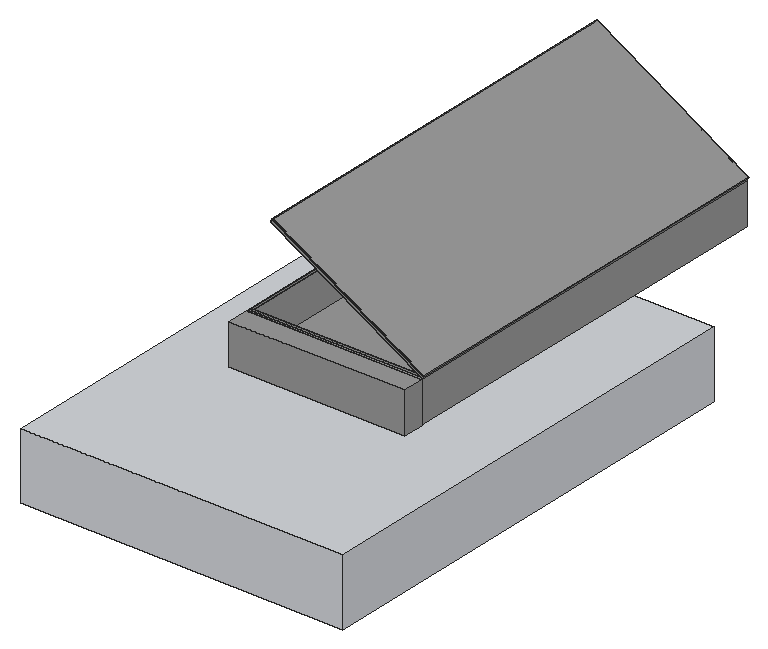
Revit family "Hager-Univers-IP44-D205-H1950-Cl.I-encl-DE-de", category Equipement électrique, Revit 2020
Family settings
  Hôte = Face
  Configuration du panneau = Deux colonnes, circuits au sein
  Cote de connecteur circulaire = Utiliser le diamètre
  Type d'élément = Tableau de raccordement
  Couper avec des vides une fois chargée = Non
  Partagée = Non
  Point de calcul de pièce = Non
Parameters (values of type "Bodenaufstellung IP44 B800 H1950 T205  - FP23TN2")
  Width Control [instance] = if([EF000008 - Breite] > Min Width, [EF000008 - Breite], Min Width)  # 800 mm
  Commentaires du type = [HG000003 - Bereich]  # "Univers"
  Thickness Door [instance] = if([EF009171 - Materialstärke Tür/Deckel] > 3 mm, 3 mm, [EF009171 - Materialstärke Tür/Deckel])  # 1 mm
  Seal Frame Offset [instance] = 17 mm  # constant formula
  Plinth Visibility [instance] = [HG000027 - Sockelhöhe] > 0 mm  # yes
  Model = ""
  Min Width [instance] = 100 mm  # constant formula
  Min Height [instance] = 100 mm  # constant formula
  Min Depth [instance] = (2 * [EF009170 - Materialstärke Gehäuse]) + 1 mm  # 3 mm
  Internal Frame Depth [instance] = (Door System Depth * 0.5)  # 9 mm
  Height Control [instance] = if([EF000040 - Höhe] > Min Height, [EF000040 - Höhe], Min Height)  # 1950 mm
  HG000027 - Sockelhöhe = 100 mm
  HG000026 - Stehend auf dem Boden = yes
  HG000024 - Höhe des unteren Teils = 800 mm
  HG000023 - Gehäuse mit doppeltem Querschnitt = no
  HG000016 - 3D-Türsichtbarkeit [instance] = yes
  HG000015 - Sichtbarkeit der Türöffnung [instance] = no
  HG000014 - Tür rechts [instance] = yes
  HG000013 - Tür links [instance] = not([HG000014 - Tür rechts])  # no
  HG000012 - Türschwenkwinkel [instance] = 30.00°
  HG000010 - Asymmetrische Türen = no
  HG000009 - Doppelflügeligen Tür = no
  HG000006 - Unterputz = no
  HG000004 - Herstellerreferenz = "FP23TN2"
  HG000003 - Bereich = "Univers"
  HG000002 - Mit tür = yes
  Frame Offset Bottom [instance] = 10 mm  # constant formula
  Frame Offset [instance] = 15 mm  # constant formula
  EF015940 - Deckel mit Überdruckentlastung = no
  EF011959 - Schutzart (NEMA) = ""
  EF009554 - Anzahl der Öffnungen für Flanschplatten = 6
  Fabricant = "Hager"  # constant formula
  EF009212 - Ausführung Deckel = "EV000116 - geschlossen"
  EF009171 - Materialstärke Tür/Deckel = 1 mm
  EF009170 - Materialstärke Gehäuse = 1 mm
  EF008873 - Nennstrom (In) = 400 A
  EF007800 - Geeignet für Blitzschutz = no
  EF006306 - Mit Schloss = no
  EF006244 - Transparenter Deckel/Tür = no
  EF005474 - Schutzart (IP) = "EV006418 - IP44"
  EF004464 - Art der Tür = "EV002646 - Einzel"
  EF004427 - Anzahl der Module = 432
  EF004293 - Schlagfestigkeit = "EV006815 - IK09"
  EF003532 - Geeignet für Außengebrauch = no
  EF002950 - Breite in Teilungseinheiten = 36
  EF001613 - Funktionserhalt = "EV000494 - ohne"
  EF001596 - Werkstoff des Gehäuses = "EV000179 - Stahl"
  EF001131 - Innentiefe = 205 mm
  EF001088 - Anbaumöglichkeit = yes
  EF000437 - Anzahl der Leitungseinführungen = 6
  EF000339 - Art der Abdeckung = "EV001012 - Deckel"
  EF000266 - Anzahl der Reihen = 12
  EF000218 - Einbautiefe = 0 mm
  EF000118 - Mit Montageplatte = no
  EF000116 - RAL-Nummer = "9010"
  EF000049 - Tiefe = 205 mm
  EF000040 - Höhe = 1950 mm
  EF000008 - Breite = 800 mm
  EF000007 - Farbe = "EV000202 - weiß"
  EF000003 - Montageart = "EV012274 - Bodenaufstellung"
  Door System Leaf Tolerance [instance] = 1.5 mm  # constant formula
  Door System Depth [instance] = 18 mm  # constant formula
  Door Height [instance] = Height Control - [HG000027 - Sockelhöhe]  # 1850 mm
  Depth Control [instance] = if([EF000049 - Tiefe] > Min Depth, [EF000049 - Tiefe], Min Depth)  # 205 mm
  Default Elevation = 0 mm
  Connector Offset [instance] = Height Control / 2  # 975 mm
  Bottom Top Plate Trim [instance] = 1.5 mm  # constant formula
  Plinth height Ctrl [instance] = if([HG000027 - Sockelhöhe] > 0 mm, [HG000027 - Sockelhöhe], 12 mm)  # 100 mm
Types (9, lengths in mm): name | Width Control | HG000010 - Asymmetrische Türen | HG000009 - Doppelflügeligen Tür | HG000004 - Herstellerreferenz | EF009554 - Anzahl der Öffnungen für Flanschplatten | EF008873 - Nennstrom (In) | EF004464 - Art der Tür | EF004427 - Anzahl der Module | EF002950 - Breite in Teilungseinheiten | EF000437 - Anzahl der Leitungseinführungen | EF000008 - Breite
  Bodenaufstellung IP44 B1050 H1950 T205  - FP24TN2 | 1050 | no | yes | "FP24TN2" | 8 | 400 A | "EV003602 - Doppel" | 576 | 48 | 8 | 1050
  Bodenaufstellung IP44 B1300 H1950 T205  - FP25TN | 1300 | no | yes | "FP25TN" | 10 | 400 A | "EV003602 - Doppel" | 720 | 60 | 10 | 1300
  Bodenaufstellung IP44 B1300 H1950 T205  - FP25TN2 | 1300 | yes | yes | "FP25TN2" | 10 | 400 A | "EV003602 - Doppel" | 720 | 60 | 10 | 1300
  Bodenaufstellung IP44 B300 H1950 T205  - FP21TN | 300 | no | no | "FP21TN" | 2 | 250 A | "EV002646 - Einzel" | 144 | 12 | 2 | 300
  Bodenaufstellung IP44 B300 H1950 T205  - FP21TN2 | 300 | no | no | "FP21TN2" | 2 | 250 A | "EV002646 - Einzel" | 144 | 12 | 2 | 300
  Bodenaufstellung IP44 B550 H1950 T205  - FP22TN | 550 | no | no | "FP22TN" | 4 | 400 A | "EV002646 - Einzel" | 288 | 24 | 4 | 550
  Bodenaufstellung IP44 B550 H1950 T205  - FP22TN2 | 550 | no | no | "FP22TN2" | 4 | 400 A | "EV002646 - Einzel" | 288 | 24 | 4 | 550
  Bodenaufstellung IP44 B800 H1950 T205  - FP23TN | 800 | no | no | "FP23TN" | 6 | 400 A | "EV002646 - Einzel" | 432 | 36 | 6 | 800
  Bodenaufstellung IP44 B800 H1950 T205  - FP23TN2 | 800 | no | no | "FP23TN2" | 6 | 400 A | "EV002646 - Einzel" | 432 | 36 | 6 | 800
Reference planes
  plane 1 "Center (Front/Back)": y = 0
  plane 2: z = 0
  plane 3 "Center (Left/Right)": x = 0
  plane 4: z = 205
  plane 5: y = 101
  plane 6: y = 1025
  plane 7: y = 100
  plane 8: y = 1950
  plane 9: z = 0
  plane 10: x = -385
  plane 11: x = 385
  plane 12: x = 384
  plane 13: x = -384
  plane 14: y = 1949
  plane 15: x = -383
  plane 16: x = -400
  plane 17: x = 383
  plane 18: x = 400
  plane 19: x = 399
  plane 20: x = -399
  plane 21: y = 111
  plane 22: y = 1950
  plane 23: y = 1934
  plane 24: z = 187
  plane 25: z = 1
  plane 26: z = 186
  plane 27: z = 204
Forms (mm)
  Extrusion 1, solid
    sketch origin (0, 0, 0) x (1, 0, 0) y (0, 1, 0)
      loop
        line (-702.964, 1305) -> (-702.964, -811.445) -> (766.763, -811.445) -> (766.763, 1305) -> (-702.964, 1305)
    from 0 to -304.8
  Extrusion 2, solid, material "Hager_Steel_RAL7035_Light_Grey", visible <- "Plinth Visibility", detail levels medium+fine
    sketch origin (0, 0, 0) x (1, 0, 0) y (0, 1, 0)
      loop
        line (-400, 0) -> (400, 0) -> (400, 100) -> (-400, 100) -> (-400, 0)
    from 0 to 187
  Extrusion 3, solid, material "Hager_Steel_RAL7035_Light_Grey", detail levels medium+fine
    sketch origin (0, 0, 0) x (1, 0, 0) y (0, 1, 0)
      loop
        line (-400, 100) -> (400, 100) -> (400, 1950) -> (-400, 1950) -> (-400, 100)
    from 0 to 187
  Extrusion 4, void
    sketch origin (0, 0, 0) x (1, 0, 0) y (0, 1, 0)
      loop
        line (-399, 101) -> (399, 101) -> (399, 1949) -> (-399, 1949) -> (-399, 101)
    from 1 to 186
  Extrusion 5, void
    sketch origin (-381.607, -4572, 187) x (0, -1, 0) y (-1, 0, 0)
      loop
        line (-4683, 2.393) -> (-6506, 2.393) -> (-6506, -765.607) -> (-4683, -765.607) -> (-4683, 2.393)
    from 0 to 1 <- "EF009170 - Materialstärke Gehäuse"
  Extrusion 6, solid, material "Hager_Steel_RAL7035_Light_Grey", detail levels fine
    sketch origin (0, 0, 187) x (1, 0, 0) y (0, 1, 0)
      loop
        line (-384, 1934) -> (-384, 111) -> (384, 111) -> (384, 1934) -> (-384, 1934)
      loop
        line (-385, 110) -> (385, 110) -> (385, 1935) -> (-385, 1935) -> (-385, 110)
    from 0 to 9 <- "Internal Frame Depth"
  Extrusion 7, solid, material "Hager_Steel_RAL7035_Light_Grey", detail levels coarse
    sketch origin (0, 0, 0) x (1, 0, 0) y (0, 1, 0)
      loop
        line (-400, 0) -> (400, 0) -> (400, 1950) -> (-400, 1950) -> (-400, 0)
    from 0 to 205
  Sweep 8, void
    path in 3D
      loop
        line (-400, 100, 0) -> (400, 100, 0) -> (400, 100, 187) -> (-400, 100, 187) -> (-400, 100, 0)
    profile origin (-400, 100, 93.5) x (-1, 0, 0) y (0, -1, 0)
      loop
        line (0, 0) -> (0, 1.5) -> (-1.5, 1.5)
        arc (-1.5, 1.5) -> (-1.061, 0.439) -> (0, 0) r 1.5
Cuts and joins
  Extrusion 4, Extrusion 5 cuts Extrusion 3
  Sweep 8 cuts Extrusion 2
Lines and regions (mm)
  Masking region 1
    outline origin (0, 0, 0) x (1, 0, 0) y (0, 0, 1)
      loop
        line (-400, 205) -> (-400, 0) -> (400, 0) -> (400, 205) -> (-400, 205)
  Masking region 2, detail levels medium+fine
    outline origin (0, 140, 0) x (0, 1, 0) y (0, 0, 1)
      loop
        line (-40, 0) -> (1810, 0) -> (1810, 187) -> (-40, 187) -> (-40, 0)
  Masking region 3, not visible, detail levels medium+fine
    outline origin (0, 297.922, 0) x (0, 1, 0) y (0, 0, 1)
      loop
        line (738.578, 0) -> (778.578, 0) -> (778.578, 194)
        arc (778.578, 194) -> (775.649, 201.071) -> (768.578, 204) r 10
        line (768.578, 204) -> (738.578, 204) -> (738.578, 0)
  Masking region 4, detail levels coarse
    outline origin (0, 0, 180) x (0, 1, 0) y (0, 0, 1)
      loop
        line (0, -180) -> (1950, -180) -> (1950, 25) -> (0, 25) -> (0, -180)
  Masking region 5, visible <- "Plinth Visibility", detail levels medium+fine
    outline origin (0, 52.24, 12.345) x (0, 0, -1) y (0, 1, 0)
      loop
        line (10.845, 47.76) -> (-173.155, 47.76)
        arc (-173.155, 47.76) -> (-173.594, 46.699) -> (-174.655, 46.26) r 1.5
        line (-174.655, 46.26) -> (-174.655, -52.24) -> (12.345, -52.24) -> (12.345, 46.26)
        arc (12.345, 46.26) -> (11.285, 46.699) -> (10.845, 47.76) r 1.5
  Masking region 6, detail levels medium+fine
    outline origin (-381.607, -4572, 187) x (-1, 0, 0) y (0, -1, 0)
      loop
        line (18.393, -6522) -> (18.393, -4672) -> (-781.607, -4672) -> (-781.607, -6522) -> (18.393, -6522)
  Masking region 7, visible <- "Plinth Visibility", detail levels medium+fine
    outline origin (-381.607, -4727, 187) x (-1, 0, 0) y (0, -1, 0)
      loop
        arc (16.893, -4827) -> (17.332, -4825.939) -> (18.393, -4825.5) r 1.5
        line (18.393, -4825.5) -> (18.393, -4727) -> (-781.607, -4727) -> (-781.607, -4825.5)
        arc (-781.607, -4825.5) -> (-780.546, -4825.939) -> (-780.107, -4827) r 1.5
        line (-780.107, -4827) -> (16.893, -4827)
  Masking region 8, detail levels coarse
    outline origin (-442.548, -4669.526, 187) x (-1, 0, 0) y (0, -1, 0)
      loop
        line (-42.548, -6619.526) -> (-42.548, -4669.526) -> (-842.548, -4669.526) -> (-842.548, -6619.526) -> (-42.548, -6619.526)
  sketch lines
    curve 1: line (-400, 100, 187) -> (-400, 100, 0)
    curve 2: line (400, 100, 187) -> (-400, 100, 187)
    curve 3: line (400, 100, 187) -> (400, 100, 0)
    curve 4: line (-400, 100, 0) -> (400, 100, 0)
Dimensions and locks
  "Depth Control": plane 4 to Extrusion 1
  "HG000027 - Sockelhöhe": plane 1 "Center (Front/Back)" to plane 7
  "EF009170 - Materialstärke Gehäuse": plane 5 to plane 7
  locked: connector elem to plane 3 "Center (Left/Right)"
  equal spacing: plane 8, plane 6, plane 7
  locked: connector elem to plane 6
  "EF009170 - Materialstärke Gehäuse": plane 8 to plane 14
  "EF009170 - Materialstärke Gehäuse": plane 10 to plane 13
  "EF009170 - Materialstärke Gehäuse": plane 12 to plane 11
  "Frame Offset": plane 20 to plane 13
  "Frame Offset": plane 12 to plane 19
  "EF009170 - Materialstärke Gehäuse": plane 16 to plane 20
  "EF009170 - Materialstärke Gehäuse": plane 19 to plane 18
  "Seal Frame Offset": plane 16 to plane 15
  "Seal Frame Offset": plane 17 to plane 18
  "Frame Offset Bottom": plane 21 to plane 5
  "Frame Offset": plane 14 to plane 23
  equal spacing: plane 16, plane 3 "Center (Left/Right)", plane 18
  "Width Control": plane 16 to plane 18
  "EF009170 - Materialstärke Gehäuse": plane 4 to plane 27
  "EF009170 - Materialstärke Gehäuse": plane 24 to plane 26
  "EF009170 - Materialstärke Gehäuse": plane 25 to level
  "Door System Depth": plane 4 to plane 24
  "Height Control": plane 1 "Center (Front/Back)" to Extrusion 7 sketch curve
  "Height Control": Masking region 4 sketch curve to plane 1 "Center (Front/Back)"
  "Height Control": plane 1 "Center (Front/Back)" to plane 22
  "Bottom Top Plate Trim": profile plane to Sweep 8 sketch curve
  "Bottom Top Plate Trim": Sweep 8 sketch curve to profile plane
  "Plinth height Ctrl": plane 1 "Center (Front/Back)" to Extrusion 2 sketch curve
  "Plinth height Ctrl": Masking region 5 sketch curve to plane 1 "Center (Front/Back)"
  "Plinth height Ctrl": plane 1 "Center (Front/Back)" to Masking region 7 sketch curve
  "Thickness Door": Extrusion 6 sketch curve to Extrusion 6 sketch curve  (x3)
  "Thickness Door": cut or joined group of Extrusion 3, Extrusion 4, Extrusion 5 to Extrusion 6 sketch curve
  radius of Masking region 3 sketch curve = 10 mm
  "Bottom Top Plate Trim": radius of Masking region 5 sketch curve  (x2)
  "Bottom Top Plate Trim": radius of Sweep 8 sketch curve
  "Bottom Top Plate Trim": radius of Masking region 7 sketch curve  (x2)
  aligned and locked: plane 2 to Extrusion 1
  aligned and locked: level to Extrusion 1
  aligned and locked: level to Masking region 1 sketch curve
  aligned and locked: Masking region 1 sketch curve to plane 18
  aligned and locked: Masking region 1 sketch curve to plane 16
  aligned and locked: plane 7 to Masking region 2 sketch curve
  aligned and locked: level to Masking region 3 sketch curve
  aligned and locked: Masking region 3 sketch curve to plane 27
  aligned and locked: level to Masking region 2 sketch curve
  aligned and locked: plane 1 "Center (Front/Back)" to Extrusion 2 sketch curve
  aligned and locked: Extrusion 3 sketch curve to plane 7
  aligned and locked: plane 16 to Extrusion 3 sketch curve
  aligned and locked: plane 18 to Extrusion 3 sketch curve
  aligned and locked: plane 20 to Extrusion 4 sketch curve
  aligned and locked: plane 19 to Extrusion 4 sketch curve
  aligned and locked: Extrusion 4 sketch curve to plane 5
  aligned and locked: Extrusion 4 to plane 25
  aligned and locked: plane 26 to Extrusion 4
  aligned and locked: plane 24 to Extrusion 3
  aligned and locked: Extrusion 5 sketch curve to plane 21
  aligned and locked: Extrusion 5 sketch curve to plane 13
  aligned and locked: Extrusion 5 sketch curve to plane 12
  aligned and locked: plane 18 to Extrusion 7 sketch curve
  aligned and locked: plane 1 "Center (Front/Back)" to Extrusion 7 sketch curve
  aligned and locked: plane 16 to Extrusion 7 sketch curve
  aligned and locked: plane 4 to Extrusion 7
  aligned and locked: Extrusion 7 to level
  aligned and locked: level to Masking region 4 sketch curve
  aligned and locked: Masking region 4 sketch curve to plane 1 "Center (Front/Back)"
  aligned and locked: Masking region 4 sketch curve to plane 4
  aligned and locked: nested 1 to level
  aligned and locked: nested 1 to plane 16
  aligned and locked: plane 8 to Extrusion 3 sketch curve
  aligned and locked: plane 23 to Extrusion 5 sketch curve
  aligned and locked: plane 14 to Extrusion 4 sketch curve
  aligned and locked: Masking region 2 sketch curve to plane 8
  aligned and locked: level to Masking region 5 sketch curve
  aligned and locked: plane 16 to Extrusion 2 sketch curve
  aligned and locked: plane 18 to Extrusion 2 sketch curve
  aligned and locked: Masking region 5 sketch curve to plane 24
  aligned and locked: Masking region 2 sketch curve to plane 24
  aligned and locked: plane 24 to Extrusion 2
  aligned and locked: profile plane to Sweep 8 sketch curve  (x2)
  aligned and locked: Masking region 6 sketch curve to plane 18
  aligned and locked: Masking region 6 sketch curve to plane 22
  aligned and locked: Masking region 6 sketch curve to plane 16
  aligned and locked: plane 8 to plane 22
  aligned and locked: Masking region 6 sketch curve to plane 7
  aligned and locked: Masking region 7 sketch curve to plane 16
  aligned and locked: Masking region 7 sketch curve to plane 1 "Center (Front/Back)"
  aligned and locked: Masking region 7 sketch curve to plane 18
  aligned and locked: Masking region 8 sketch curve to plane 1 "Center (Front/Back)"
  aligned and locked: Masking region 8 sketch curve to plane 18
  aligned and locked: Masking region 8 sketch curve to plane 22
  aligned and locked: Masking region 8 sketch curve to plane 16
  aligned and locked: nested 2 to plane 7
  aligned and locked: plane 3 "Center (Left/Right)" to nested 2
  aligned and locked: nested 2 to plane 24
  aligned and locked: Extrusion 6 sketch curve to cut or joined group of Extrusion 3, Extrusion 4, Extrusion 5  (x4)
Automatic sketch dimensions
  Extrusion 1 sketch curve to Extrusion 1 sketch curve = 1469.727 mm
  Extrusion 1 sketch curve to Extrusion 1 sketch curve = 2116.445 mm
  Masking region 1 sketch curve to plane 4 = 0 mm
  plane 6 to Masking region 3 sketch curve = 11.5 mm
  Masking region 3 sketch curve to Masking region 3 sketch curve = 30 mm
  Masking region 5 sketch curve to plane 1 "Center (Front/Back)" = 0 mm
Nested families
  nested 1: "Hager_Enclosure_Symbol" at (-400, 0, 0) x (1, 0, 0) z (0, -1, 0), Height <- "Depth Control", Width <- "Width Control", type "Hager_Enclosure_Symbol"
    with Width_Ctrl 800 mm, Width 800 mm, Height_Ctrl 205 mm, Height 205 mm, A_Width_Int 13.453 mm, A_Width 161.438 mm, A_Height_Ctrl 179.375 mm, A_Height 179.375 mm
  nested 2: "EC000058_Univers_Door" at (0, 100, 187) x (1, 0, 0) z (0, 1, 0), Leaf_Tolerance <- "Door System Leaf Tolerance", Angle <- "HG000012 - Türschwenkwinkel", Door_Depth <- "Door System Depth", Door_Left <- "HG000013 - Tür links", Transparent <- "EF006244 - Transparenter Deckel/Tür", Assymetrical <- "HG000010 - Asymmetrische Türen", Width <- "Width Control", Clearance <- "HG000015 - Sichtbarkeit der Türöffnung", Double <- "HG000009 - Doppelflügeligen Tür", 3d_Door <- "HG000016 - 3D-Türsichtbarkeit", Lock_Visibility <- "EF006306 - Mit Schloss", Width_Ctrl <- "Width Control", Door_Right <- "HG000014 - Tür rechts", Door <- "HG000002 - Mit tür", Height <- "Door Height", Thickness <- "Thickness Door", type "EC000058_Univers_Door", detail levels medium+fine
    with min_wh 3 mm, Width_Ctrl 800 mm, Width 800 mm, Transparent no, Thickness 1 mm, Seal_Material Hager_Rubber, Lock_Visibility no, Lock_Material Hager_Plastic_RAL9005_Jet_Black, Leaf_Width 800 mm, Leaf_Tolerance_External_Sides 0 mm, Leaf_Tolerance 1.5 mm, Leaf_Offset 0 mm, Leaf_Height 1847 mm, Leaf_2_Width 800 mm, Leaf_2_Offset 400 mm, Leaf_1_Width 800 mm, Leaf_1_Offset 400 mm, Height_Ctrl 1850 mm, Height 1850 mm, Glass_Material Hager_Glass, Double_Clearance_Ctrl no, Double no, Door_Right_Ctrl yes, Door_Right yes, Door_Material Hager_Steel_RAL7035_Light_Grey, Door_Left_Ctrl no, Door_Left no, Door_Depth 18 mm, Door yes, Clearance_Material Hager_Clearance, Clearance_Depth 800 mm, Clearance_Ctrl no, Clearance no, Assymetrical no, Angle 30.00°, 3d_Door yes
Connectors
  electrical at (0, 1025, 0)
    settings: on plane 9, index 1, voltage 0 V, apparent load 0 VA, apparent load phase1 0 VA, apparent load phase2 0 VA, apparent load phase3 0 VA, power factor 1, load classification "Other", number of poles 1, system type 30, power factor state 1, is connector primary yes, connector utility no, sub classification motor no, connector description ""
Definition of nested family "EC000058_Univers_Door"
  Parameters (values of type "EC000058_Univers_Door")
    min_wh [instance] = (2 * Thickness) + 1 mm  # 11 mm
    Width_Ctrl [instance] = 400 mm
    Width [instance] = 500 mm
    Transparent [instance] = yes
    Thickness [instance] = 5 mm
    Seal_Material [instance] = none
    Lock_Visibility [instance] = yes
    Lock_Material [instance] = none
    Leaf_Width [instance] = if((Width_Ctrl - 2 * Leaf_Tolerance_External_Sides) > 0 mm, (Width_Ctrl - 2 * Leaf_Tolerance_External_Sides), min_wh)  # 400 mm
    Leaf_Tolerance_External_Sides [instance] = 0 mm  # constant formula
    Leaf_Tolerance [instance] = 1.5 mm
    Leaf_Offset [instance] = 0 mm  # constant formula
    Leaf_Height [instance] = if((Height_Ctrl - 2 * Leaf_Tolerance) > 0 mm, (Height_Ctrl - 2 * Leaf_Tolerance), min_wh)  # 497 mm
    Leaf_2_Width [instance] = if(and(and(Double, Assymetrical), Door_Left), (Leaf_Width / 3) - (Leaf_Tolerance / 2), if(and(and(Double, Assymetrical), Door_Right), (Leaf_Width / 3) * 2 - (Leaf_Tolerance / 2), if(and(Double, not(Assymetrical)), (Leaf_Width / 2) - Leaf_Tolerance, Leaf_Width)))  # 400 mm
    Leaf_2_Offset [instance] = if(and(Double, Assymetrical), Leaf_2_Width / 2, if(and(Double, not(Assymetrical)), Leaf_Width / 4, Leaf_Width / 2))  # 200 mm
    Leaf_1_Width [instance] = if(and(and(Double, Assymetrical), Door_Right), (Leaf_Width / 3) - (Leaf_Tolerance / 2), if(and(and(Double, Assymetrical), Door_Left), (Width / 3) * 2 - (Leaf_Tolerance / 2), if(and(Double, not(Assymetrical)), (Leaf_Width / 2) - Leaf_Tolerance, Leaf_Width)))  # 400 mm
    Leaf_1_Offset [instance] = if(and(Double, Assymetrical), Leaf_1_Width / 2, if(and(Double, not(Assymetrical)), Leaf_Width / 4, Leaf_Width / 2))  # 200 mm
    Height_Ctrl [instance] = if(Height > min_wh, Height, min_wh)  # 500 mm
    Height [instance] = 500 mm
    Glass_Material [instance] = none
    Double_Clearance_Ctrl [instance] = and(Double, Clearance)  # no
    Double [instance] = no
    Door_Right_Ctrl [instance] = and(or(Door_Right, Double), Door)  # yes
    Door_Right [instance] = yes
    Door_Material [instance] = none
    Door_Left_Ctrl [instance] = and(or(Door_Left, Double), Door)  # no
    Door_Left [instance] = no
    Door_Depth [instance] = 30 mm
    Door [instance] = yes
    Default Elevation = 1219.2 mm
    Clearance_Material [instance] = none
    Clearance_Depth [instance] = if(Leaf_1_Width > Leaf_2_Width, Leaf_1_Width, Leaf_2_Width)  # 400 mm
    Clearance_Ctrl [instance] = and(not(Double), Clearance)  # yes
    Clearance [instance] = yes
    Assymetrical [instance] = yes
    Angle [instance] = 30.00°
    3d_Door [instance] = yes
  Reference planes
    plane 1 "Center (Front/Back)": y = 0
    plane 2 "Bottom": z = 0
    plane 3 "Center (Left/Right)": x = 0
    plane 4: z = 500
    plane 5: x = -200
    plane 6: x = 200
    plane 7: z = 500
    plane 8: x = -200
    plane 9: z = 0
    plane 10: x = 200
    plane 11: y = 0
    plane 12: z = 1.5
    plane 13: x = -600
    plane 14: y = -400
    plane 15: x = 600
    plane 16: x = 0
    plane 17: x = 0
    plane 18: x = -200
    plane 19: x = 200
    plane 20: z = 498.5
  Forms (mm)
    Extrusion 1, solid, material <- "Clearance_Material", visible <- "Double_Clearance_Ctrl"
      sketch origin (1200, 0, 0) x (1, 0, 0) y (0, 0, -1)
        loop
          line (-1800, -498.5) -> (-600, -498.5) -> (-600, 0) -> (-1800, 0) -> (-1800, -498.5)
      from 0 to -400
  Dimensions and locks
    equal spacing: plane 5, plane 3 "Center (Left/Right)", plane 6
    "Width_Ctrl": plane 5 to plane 6
    "Leaf_Offset": plane 5 to plane 8
    "Leaf_Offset": plane 6 to plane 10
    "Leaf_Offset": plane 9 to level
    "Leaf_Offset": plane 4 to plane 7
    "Height_Ctrl": plane 4 to level
    "Leaf_Tolerance": plane 12 to plane 9
    locked: plane 11 to plane 1 "Center (Front/Back)"
    "Leaf_1_Offset": plane 18 to plane 16
    "Leaf_2_Offset": plane 17 to plane 19
    "Leaf_1_Width": plane 13 to plane 8
    "Leaf_2_Width": plane 10 to plane 15
    "Clearance_Depth": plane 14 to plane 1 "Center (Front/Back)"
    "Leaf_Tolerance_External_Sides": plane 8 to plane 18
    "Leaf_Tolerance_External_Sides": plane 19 to plane 10
    "Leaf_Tolerance": plane 7 to plane 20
    aligned and locked: level to plane 2 "Bottom"
    aligned and locked: nested 1 to plane 16
    aligned and locked: nested 2 to plane 17
    aligned and locked: Extrusion 1 to plane 13
    aligned and locked: plane 15 to Extrusion 1
    aligned and locked: Extrusion 1 to plane 14
    aligned and locked: plane 12 to nested 1
    aligned and locked: nested 2 to plane 12
    aligned and locked: Extrusion 1 to plane 11
    aligned and locked: plane 20 to Extrusion 1
    aligned and locked: nested 2 to plane 11
    aligned and locked: nested 1 to plane 11
  Automatic sketch dimensions
    Extrusion 1 sketch curve to level = 0 mm
    plane 5 to Extrusion 1 sketch curve = 400 mm
    plane 6 to Extrusion 1 sketch curve = 400 mm
    Extrusion 1 sketch curve to plane 4 = 1.5 mm
  Nested families
    nested 1: "EC000058_Univers_Door_Leaf" at (0, 0, 1.5), Width <- "Leaf_1_Width", visible <- "Door_Left_Ctrl", Leaf_Height <- "Leaf_Height", Angle <- "Angle", 3d_Door <- "3d_Door", Transparent <- "Transparent", Clearance Material <- "Clearance_Material", Clearance <- "Clearance_Ctrl", Door_Material <- "Door_Material", Glass_Material <- "Glass_Material", Door_Depth <- "Door_Depth", Lock_Material <- "Lock_Material", Seal_Material <- "Seal_Material", Lock_Visibility <- "Lock_Visibility", Thickness <- "Thickness", type "EC000058_Univers_Door_Leaf"
      with Width 400 mm, Transparent_Glass_Offset 30 mm, Transparent_Ctrl yes, Transparent yes, Thickness 5 mm, Standard no, Seal_Material none, Seal_D2 8 mm, Seal_D1 1 mm, Offset_Internal_Frame 10 mm, Lock_Width 20 mm, Lock_Visibility_3d yes, Lock_Visibility yes, Lock_Thickness_3 3 mm, Lock_Thickness_2 1 mm, Lock_Thickness_1 3 mm, Lock_Radius_Offset_2 16 mm, Lock_Radius_Offset_1 15 mm, Lock_Radius_2 5 mm, Lock_Radius 6 mm, Lock_Offset 5 mm, Lock_Material none, Lock_Height 80 mm, Lock_Cover_Top_Offset_2d 17 mm, Lock_Cover_Height -65 mm, Leaf_Height 497 mm, Internal_Seal_Thickness 8 mm, Internal_Seal_Depth_2 4.5 mm, Internal_Frame_Depth 25 mm, Glass_Thickness -1 mm, Glass_Offset -2 mm, Glass_Material none, Door_Material none, Door_Depth 30 mm, Clearance Material none, Clearance yes, Angle_Ctrl 30.00°, Angle 30.00°, 3d_Door yes
    nested 2: "EC000058_Univers_Door_Leaf" at (0, 0, 1.5) x (-1, 0, 0) z (0, 0, 1), Width <- "Leaf_2_Width", visible <- "Door_Right_Ctrl", Leaf_Height <- "Leaf_Height", Angle <- "Angle", 3d_Door <- "3d_Door", Transparent <- "Transparent", Clearance Material <- "Clearance_Material", Clearance <- "Clearance_Ctrl", Door_Material <- "Door_Material", Glass_Material <- "Glass_Material", Door_Depth <- "Door_Depth", Lock_Material <- "Lock_Material", Seal_Material <- "Seal_Material", Lock_Visibility <- "Lock_Visibility", Thickness <- "Thickness", type "EC000058_Univers_Door_Leaf"
      with Width 400 mm, Transparent_Glass_Offset 30 mm, Transparent_Ctrl yes, Transparent yes, Thickness 5 mm, Standard no, Seal_Material none, Seal_D2 8 mm, Seal_D1 1 mm, Offset_Internal_Frame 10 mm, Lock_Width 20 mm, Lock_Visibility_3d yes, Lock_Visibility yes, Lock_Thickness_3 3 mm, Lock_Thickness_2 1 mm, Lock_Thickness_1 3 mm, Lock_Radius_Offset_2 16 mm, Lock_Radius_Offset_1 15 mm, Lock_Radius_2 5 mm, Lock_Radius 6 mm, Lock_Offset 5 mm, Lock_Material none, Lock_Height 80 mm, Lock_Cover_Top_Offset_2d 17 mm, Lock_Cover_Height -65 mm, Leaf_Height 497 mm, Internal_Seal_Thickness 8 mm, Internal_Seal_Depth_2 4.5 mm, Internal_Frame_Depth 25 mm, Glass_Thickness -1 mm, Glass_Offset -2 mm, Glass_Material none, Door_Material none, Door_Depth 30 mm, Clearance Material none, Clearance yes, Angle_Ctrl 30.00°, Angle 30.00°, 3d_Door yes
  Definition of nested family "EC000058_Univers_Door_Leaf"
    Parameters (values of type "EC000058_Univers_Door_Leaf")
      Width [instance] = 2000 mm
      Transparent_Glass_Offset [instance] = 30 mm
      Transparent_Ctrl [instance] = and(Transparent, [3d_Door])  # yes
      Transparent [instance] = yes
      Thickness [instance] = 5 mm
      Standard [instance] = and(not(Transparent), [3d_Door])  # no
      Seal_Material [instance] = none
      Seal_D2 [instance] = 8 mm  # constant formula
      Seal_D1 [instance] = 1 mm  # constant formula
      Offset_Internal_Frame [instance] = 10 mm  # constant formula
      Lock_Width [instance] = 20 mm  # constant formula
      Lock_Visibility_3d [instance] = and(Lock_Visibility, [3d_Door])  # yes
      Lock_Visibility [instance] = yes
      Lock_Thickness_3 [instance] = 3 mm  # constant formula
      Lock_Thickness_2 [instance] = 1 mm  # constant formula
      Lock_Thickness_1 [instance] = 3 mm  # constant formula
      Lock_Radius_Offset_2 [instance] = Lock_Radius_Offset_1 + 1 mm  # 16 mm
      Lock_Radius_Offset_1 [instance] = 15 mm  # constant formula
      Lock_Radius_2 [instance] = Lock_Radius - 1 mm  # 5 mm
      Lock_Radius [instance] = 6 mm  # constant formula
      Lock_Offset [instance] = 5 mm  # constant formula
      Lock_Material [instance] = none
      Lock_Height [instance] = 80 mm  # constant formula
      Lock_Cover_Top_Offset_2d [instance] = Lock_Radius_Offset_2 + 1 mm  # 17 mm
      Lock_Cover_Height [instance] = -(Lock_Height - Lock_Radius_Offset_1)  # -65 mm
      Leaf_Height [instance] = 2720.336 mm
      Internal_Seal_Thickness [instance] = 8 mm  # constant formula
      Internal_Seal_Depth_2 [instance] = 4.5 mm  # constant formula
      Internal_Frame_Depth [instance] = if(Door_Depth - Thickness > 5 mm, Door_Depth - Thickness, 5 mm)  # 25 mm
      Glass_Thickness [instance] = if(Thickness > 15 mm, Glass_Offset + 10 mm, -1 mm)  # -1 mm
      Glass_Offset [instance] = if(Thickness > 15 mm, -(Thickness + 10 mm) / 2, -2 mm)  # -2 mm
      Glass_Material [instance] = none
      Door_Material [instance] = none
      Door_Depth [instance] = 30 mm
      Default Elevation = 0 mm
      Clearance Material [instance] = none
      Clearance [instance] = yes
      Angle_Ctrl [instance] = if(Angle > 180.00°, 180.00°, Angle)  # 90.00°
      Angle [instance] = 90.00°
      3d_Door [instance] = yes
    Reference planes
      plane 1 "Center (Front/Back)": y = 0
      plane 2: z = 0
      plane 3 "Center (Left/Right)": x = 0
      plane 4: y = 2000
      plane 5: x = -1000
      plane 6: x = 1000
      plane 7: x = -3000
      plane 8: z = 2720.336
      plane 9: z = 30
      plane 10: z = 2690.336
      plane 11: x = 970
      plane 12: x = -970
      plane 13: y = -3
      plane 14: z = 107.833
      plane 15: y = -5
      plane 16: y = -223.314
      plane 17: x = -1000
      plane 18: z = 1360.168
      plane 19: y = 30
    Forms (mm)
      Extrusion 1, solid, material <- "Clearance Material", visible <- "Clearance"
        sketch origin (0, 0, 0) x (1, 0, 0) y (0, 0, 1)
          loop
            line (-3000, 2720.336) -> (-3000, 0) -> (1000, 0) -> (1000, 2720.336) -> (-3000, 2720.336)
        from 0 to -2000
      Extrusion 2, solid, material <- "Door_Material", visible <- "Standard", detail levels medium+fine
        sketch origin (-1000, 0, 0) x (0, 1, 0) y (-1, 0, 0)
          loop
            line (0, 30) -> (0, 25) -> (2000, 25) -> (2000, 30) -> (0, 30)
        from 0 to 2720.336 <- "Leaf_Height"
      Extrusion 3, solid, material <- "Door_Material", visible <- "Transparent_Ctrl", detail levels medium+fine
        sketch origin (-1000, 0, 0) x (0, 1, 0) y (-1, 0, 0)
          loop
            line (0, 25) -> (2000, 25) -> (2000, 30) -> (0, 30) -> (0, 25)
        from 0 to 2720.336 <- "Leaf_Height"
      Extrusion 4, void
        sketch origin (-1025, 2000, 0) x (0, 1, 0) y (0, 0, -1)
          loop
            line (-30, -2690.336) -> (-30, -30) -> (-1970, -30) -> (-1970, -2690.336) -> (-30, -2690.336)
        from 0 to 5 <- "Thickness"
      Sweep 5, solid, material <- "Seal_Material", visible <- "Transparent_Ctrl", detail levels fine
        path in 3D
          loop
            line (-1025, 30, 30) -> (-1025, 30, 2690.336) -> (-1025, 1970, 2690.336) -> (-1025, 1970, 30) -> (-1025, 30, 30)
        profile origin (-1025, 1000, 30) x (1, 0, 0) y (0, 0, 1)
          loop
            line (0, 0) -> (0, -8) -> (1, -8) -> (1, 0) -> (0, 0)
      Extrusion 6, solid, material <- "Glass_Material", visible <- "Transparent_Ctrl", detail levels medium+fine
        sketch origin (-1030, 0, 0) x (0, 1, 0) y (0, 0, -1)
          loop
            line (1970, -2690.336) -> (1970, -30) -> (30, -30) -> (30, -2690.336) -> (1970, -2690.336)
        from -2 <- "Glass_Offset" to -1 <- "Glass_Thickness"
      Extrusion 7, solid, material <- "Door_Material", visible <- "3d_Door", detail levels medium+fine
        sketch origin (-1025, 2000, 0) x (0, -1, 0) y (0, 0, -1)
          loop
            line (0, -2720.336) -> (2000, -2720.336) -> (2000, 0) -> (0, 0) -> (0, -2720.336)
          loop
            line (1995, -5) -> (5, -5) -> (5, -2715.336) -> (1995, -2715.336) -> (1995, -5)
        from 0 to 25 <- "Internal_Frame_Depth"
      Sweep 8, solid, material <- "Seal_Material", visible <- "Transparent_Ctrl", detail levels fine
        path in 3D
          loop
            line (-1025, 0, 0) -> (-1025, 2000, 0) -> (-1025, 2000, 2720.336) -> (-1025, 0, 2720.336) -> (-1025, 0, 0)
        profile origin (-1025, 0, 1360.168) x (1, 0, 0) y (0, 1, 0)
          loop
            line (0, 10) -> (2.975, 10)
            arc (2.975, 10) -> (4.053, 10.447) -> (4.5, 11.525) r 1.525
            line (4.5, 11.525) -> (4.5, 16.527)
            arc (4.5, 16.527) -> (4.069, 17.569) -> (3.027, 18) r 1.473
            line (3.027, 18) -> (0, 18) -> (0, 10)
      Extrusion 9, solid, material <- "Lock_Material", visible <- "Lock_Visibility_3d", detail levels fine
        sketch origin (-1030, 0, 0) x (0, 1, 0) y (0, 0, -1)
          loop
            arc (1993.5, -1400.168) -> (1994.561, -1399.729) -> (1995, -1398.668) r 1.5
            line (1995, -1398.668) -> (1995, -1320.168) -> (1975, -1320.168) -> (1975, -1398.668)
            arc (1975, -1398.668) -> (1975.439, -1399.729) -> (1976.5, -1400.168) r 1.5
            line (1976.5, -1400.168) -> (1993.5, -1400.168)
        from 3 <- "Lock_Thickness_1" to 0
      Blend 10, solid, material <- "Lock_Material", visible <- "Lock_Visibility_3d", detail levels fine
        base sketch origin (-1033, 0, 0) x (0, 1, 0) y (0, 0, -1)
          loop
            line (1975, -1320.168) -> (1975, -1398.668)
            arc (1975, -1398.668) -> (1975.439, -1399.729) -> (1976.5, -1400.168) r 1.5
            line (1976.5, -1400.168) -> (1993.5, -1400.168)
            arc (1993.5, -1400.168) -> (1994.561, -1399.729) -> (1995, -1398.668) r 1.5
            line (1995, -1398.668) -> (1995, -1320.168) -> (1975, -1320.168)
        top sketch origin (-1033, 0, 0) x (0, 1, 0) y (0, 0, -1)
          loop
            line (1976, -1320.168) -> (1976, -1398.668)
            arc (1976, -1398.668) -> (1976.146, -1399.022) -> (1976.5, -1399.168) r 0.5
            line (1976.5, -1399.168) -> (1993.5, -1399.168)
            arc (1993.5, -1399.168) -> (1993.854, -1399.022) -> (1994, -1398.668) r 0.5
            line (1994, -1398.668) -> (1994, -1320.168) -> (1976, -1320.168)
        from 0 to 1 <- "Lock_Thickness_2"
      Blend 11, solid, material <- "Lock_Material", visible <- "Lock_Visibility_3d", detail levels fine
        base sketch origin (-1034, 0, 0) x (0, 1, 0) y (0, 0, -1)
          loop
            line (1978, -1320.168) -> (1978, -1384.168)
            arc (1978, -1384.168) -> (1985, -1391.168) -> (1992, -1384.168) r 7
            line (1992, -1384.168) -> (1992, -1320.168) -> (1978, -1320.168)
        top sketch origin (-1034, 0, 0) x (0, 1, 0) y (0, 0, -1)
          loop
            line (1991, -1320.168) -> (1979, -1320.168) -> (1979, -1383.168)
            arc (1979, -1383.168) -> (1985, -1389.168) -> (1991, -1383.168) r 6
            line (1991, -1383.168) -> (1991, -1320.168)
        from 0 to 3 <- "Lock_Thickness_3"
      Extrusion 12, solid, material <- "Lock_Material", visible <- "Lock_Visibility_3d", detail levels fine
        sketch origin (-1030, 1975, 1320.168) x (1, 0, 0) y (0, -1, 0)
          loop
            line (-7, -19) -> (-7, -1) -> (0, -1) -> (0, 0) -> (-8, 0) -> (-8, -20) -> (0, -20) -> (0, -19) -> (-7, -19)
        from 0 to -65 <- "Lock_Cover_Height"
      Extrusion 13, void
        sketch origin (-1038, 1995, 1320.168) x (-1, 0, 0) y (0, 0, -1)
          loop
            line (-5, -65) -> (0, -65) -> (-5, -60) -> (-5, -65)
        from 0 to 20 <- "Lock_Width"
      Extrusion 14, void
        sketch origin (-1038, 1975, 1320.168) x (0, -1, 0) y (0, 0, -1)
          loop
            circle (-10, -15.995) r 6
          loop
            circle (-10, -15.995) r 5
        from 0 to 2
      Extrusion 15, solid, material <- "Lock_Material", visible <- "Lock_Visibility_3d", detail levels medium
        sketch origin (-1030, 0, 0) x (0, 1, 0) y (0, 0, -1)
          loop
            arc (1993.5, -1400.168) -> (1994.561, -1399.729) -> (1995, -1398.668) r 1.5
            line (1995, -1398.668) -> (1995, -1320.168) -> (1975, -1320.168) -> (1975, -1398.668)
            arc (1975, -1398.668) -> (1975.439, -1399.729) -> (1976.5, -1400.168) r 1.5
            line (1976.5, -1400.168) -> (1993.5, -1400.168)
        from 8 to 0
    Cuts and joins
      Extrusion 4 cuts Extrusion 3
      Extrusion 13, Extrusion 14 cuts Extrusion 9
      Extrusion 14 cuts Blend 11
      Extrusion 13, Extrusion 14 cuts Extrusion 12
      joined: Extrusion 9, Blend 10, Blend 11, Extrusion 12
      Extrusion 14 cuts Extrusion 15
    Lines and regions (mm)
      Masking region 1, visible <- "Lock_Visibility", detail levels fine
        outline origin (0, 0, 0) x (0, 1, 0) y (0, 0, 1)
          loop
            line (30, 1320.168) -> (33, 1320.168) -> (33, 1400.168) -> (30, 1400.168) -> (30, 1320.168)
      Masking region 2, visible <- "Lock_Visibility", detail levels fine
        outline origin (0, 3.143, 0) x (0, 1, 0) y (0, 0, 1)
          loop
            line (29.857, 1354.168) -> (30.857, 1354.168) -> (30.857, 1366.168) -> (29.857, 1366.168) -> (29.857, 1354.168)
      Masking region 3, detail levels medium+fine
        outline origin (0, 0, 0) x (0, 1, 0) y (0, 0, 1)
          loop
            line (0, 0) -> (30, 0) -> (30, 2720.336) -> (0, 2720.336) -> (0, 0)
      Masking region 4, detail levels medium+fine
        outline origin (0, 0, 0) x (1, 0, 0) y (0, 0, 1)
          loop
            line (-1000, 2720.336) -> (-1000, 0) -> (1000, 0) -> (1000, 2720.336) -> (-1000, 2720.336)
      Masking region 5, visible <- "Lock_Visibility", detail levels fine
        outline origin (-47.116, 0, 0) x (1, 0, 0) y (0, 0, 1)
          loop
            arc (1024.616, 1399.168) -> (1023.556, 1398.729) -> (1023.116, 1397.668) r 1.5
            line (1023.116, 1397.668) -> (1023.116, 1320.168) -> (1041.116, 1320.168) -> (1041.116, 1397.668)
            arc (1041.116, 1397.668) -> (1040.677, 1398.729) -> (1039.616, 1399.168) r 1.5
            line (1039.616, 1399.168) -> (1024.616, 1399.168)
      Masking region 6, visible <- "Lock_Visibility", detail levels medium+fine
        outline origin (-25, 0, 0) x (1, 0, 0) y (0, 0, 1)
          loop
            arc (1001.5, 1400.168) -> (1000.439, 1399.729) -> (1000, 1398.668) r 1.5
            line (1000, 1398.668) -> (1000, 1320.168) -> (1020, 1320.168) -> (1020, 1398.668)
            arc (1020, 1398.668) -> (1019.561, 1399.729) -> (1018.5, 1400.168) r 1.5
            line (1018.5, 1400.168) -> (1001.5, 1400.168)
      Masking region 7, visible <- "Lock_Visibility", detail levels fine
        outline origin (-73.735, 0, 0) x (1, 0, 0) y (0, 0, 1)
          loop
            line (1051.735, 1382.168) -> (1065.735, 1382.168) -> (1065.735, 1384.168)
            arc (1065.735, 1384.168) -> (1058.735, 1391.168) -> (1051.735, 1384.168) r 7
            line (1051.735, 1384.168) -> (1051.735, 1382.168)
      Masking region 8, visible <- "Lock_Visibility", detail levels fine
        outline origin (-73.735, 0, 0) x (1, 0, 0) y (0, 0, 1)
          loop
            line (1052.735, 1382.168) -> (1064.735, 1382.168) -> (1064.735, 1383.168)
            arc (1064.735, 1383.168) -> (1058.735, 1389.168) -> (1052.735, 1383.168) r 6
            line (1052.735, 1383.168) -> (1052.735, 1382.168)
      Masking region 9, visible <- "Lock_Visibility", detail levels fine
        outline origin (-25, 0, 0) x (1, 0, 0) y (0, 0, 1)
          loop
            line (1020, 1320.168) -> (1020, 1382.168) -> (1000, 1382.168) -> (1000, 1320.168) -> (1020, 1320.168)
      Masking region 10, detail levels medium+fine
        outline origin (0, 0, 0) x (1, 0, 0) y (0, 0, 1)
          loop
            circle (985, 1335.144) r 6
      Masking region 11, detail levels fine
        outline origin (0, 0, 0) x (1, 0, 0) y (0, 0, 1)
          loop
            circle (985, 1335.144) r 5
      Masking region 12, visible <- "Lock_Visibility", detail levels fine
        outline origin (0, 12.767, 0) x (0, 1, 0) y (0, 0, 1)
          loop
            line (20.233, 1320.168) -> (21.233, 1320.168) -> (21.233, 1399.168) -> (20.233, 1400.168) -> (20.233, 1320.168)
      Masking region 13, visible <- "Lock_Visibility", detail levels fine
        outline origin (0, 13.767, -10) x (0, 1, 0) y (0, 0, 1)
          loop
            line (20.233, 1330.168) -> (23.233, 1330.168) -> (23.233, 1399.168) -> (20.233, 1402.168) -> (20.233, 1330.168)
      Masking region 14, visible <- "Lock_Visibility", detail levels fine
        outline origin (0, 12.767, -10) x (0, 1, 0) y (0, 0, 1)
          loop
            line (20.233, 1330.168) -> (25.233, 1330.168) -> (25.233, 1399.305) -> (20.233, 1394.305) -> (20.233, 1330.168)
      Masking region 15, visible <- "Lock_Visibility", detail levels medium
        outline origin (0, 0, 0) x (0, 1, 0) y (0, 0, 1)
          loop
            line (30, 1320.168) -> (38, 1320.168) -> (38, 1400.168) -> (30, 1400.168) -> (30, 1320.168)
      Masking region 16, visible <- "Lock_Visibility", detail levels fine
        outline origin (-1000, 0, 0) x (0, 1, 0) y (-1, 0, 0)
          loop
            line (1975, 30) -> (1995, 30) -> (1995, 38) -> (1975, 38) -> (1975, 30)
          loop
            line (1979, 37) -> (1976, 37) -> (1976, 34) -> (1978, 34) -> (1979, 37)
          loop
            line (1994, 37) -> (1991, 37) -> (1992, 34) -> (1994, 34) -> (1994, 37)
      Masking region 17, visible <- "Lock_Visibility", detail levels medium
        outline origin (-1000, 0, 0) x (0, 1, 0) y (-1, 0, 0)
          loop
            line (1975, 30) -> (1995, 30) -> (1995, 38) -> (1975, 38) -> (1975, 30)
      symbolic lines
        curve 1: line (1000, 0, 0) -> (-3000, 0, 0)
        curve 2: arc (1000, 0, 0) -> (-1000, 2000, 0) -> (-3000, 0, 0) r 2000
        curve 4: line (-1030, 0, 0) -> (-1030, 2000, 0)
      reference lines
        curve 3: line (-1000, 0, 0) -> (-1000, 2000, 0)
      symbolic lines, detail levels medium+fine
        curve 5: line (-1030, 2000, 0) -> (-1025, 2000, 0)
        curve 7: line (-1025, 0, 0) -> (-1030, 0, 0)
        curve 8: line (-1025, 0, 0) -> (-1000, 0, 0)
        curve 9: line (-1000, 0, 0) -> (-1000, 2000, 0)
        curve 10: line (-1000, 2000, 0) -> (-1025, 2000, 0)
      symbolic lines, detail levels fine
        curve 6: line (-1025, 2000, 0) -> (-1025, 0, 0)
      sketch lines
        curve 11: line (-1025, 0, 2720.336) -> (-1025, 0, 0)
        curve 12: line (-1025, 2000, 0) -> (-1025, 0, 0)
        curve 13: line (-1025, 2000, 2720.336) -> (-1025, 2000, 0)
        curve 14: line (-1025, 0, 2720.336) -> (-1025, 2000, 2720.336)
        curve 15: line (-1025, 1970, 30) -> (-1025, 30, 30)
        curve 16: line (-1025, 30, 30) -> (-1025, 30, 2690.336)
        curve 17: line (-1025, 1970, 2690.336) -> (-1025, 1970, 30)
        curve 18: line (-1025, 30, 2690.336) -> (-1025, 1970, 2690.336)
      symbolic lines, visible <- "Transparent", detail levels medium+fine
        curve 19: line (-970, 0, 2690.336) -> (970, 0, 2690.336)
        curve 20: line (-970, 0, 30) -> (-970, 0, 2690.336)
        curve 21: line (970, 0, 30) -> (-970, 0, 30)
        curve 22: line (970, 0, 2690.336) -> (970, 0, 30)
    Dimensions and locks
      "Width": plane 1 "Center (Front/Back)" to plane 4
      equal spacing: plane 5, plane 3 "Center (Left/Right)", plane 6
      "Width": plane 5 to plane 6
      "Width": plane 7 to plane 5
      "Leaf_Height": plane 8 to level
      "Width": curve 5 to curve 3
      "Width": curve 3 to curve 3
      plane 8 to plane 10 = 30 mm
      plane 9 to level = 30 mm
      plane 12 to plane 5 = 30 mm
      plane 6 to plane 11 = 30 mm
      Extrusion 1 to Extrusion 4 sketch curve = 30 mm
      "Transparent_Glass_Offset": curve 3 to Extrusion 4 sketch curve
      "Transparent_Glass_Offset": Extrusion 4 sketch curve to cut or joined group of Extrusion 3, Extrusion 4  (x2)
      cut or joined group of Extrusion 3, Extrusion 4 to Extrusion 6 sketch curve = 30 mm
      "Transparent_Glass_Offset": cut or joined group of Extrusion 3, Extrusion 4 to Extrusion 4 sketch curve
      "Thickness": curve 6 to curve 4
      "Thickness": Extrusion 7 sketch curve to Extrusion 7 sketch curve  (x4)
      "Door_Depth": curve 4 to curve 3
      "Offset_Internal_Frame": profile plane to Sweep 8 sketch curve
      "Internal_Seal_Thickness": Sweep 8 sketch curve to Sweep 8 sketch curve
      "Internal_Seal_Depth_2": profile plane to Sweep 8 sketch curve
      "Seal_D1": profile plane to Sweep 5 sketch curve
      "Seal_D2": profile plane to Sweep 5 sketch curve
      "Thickness": Extrusion 2 sketch curve to Extrusion 2 sketch curve
      equal spacing: Extrusion 9 sketch curve, plane 18, Extrusion 9 sketch curve  (x2)
      equal spacing: Masking region 1 sketch curve, plane 18, Masking region 1 sketch curve
      "Lock_Height": Masking region 1 sketch curve to Masking region 1 sketch curve
      "Lock_Radius": Masking region 2 sketch curve to plane 18 to Masking region 2 sketch curve
      Masking region 2 sketch curve to Masking region 1 = 1 mm
      "Door_Depth": plane 19 to plane 1 "Center (Front/Back)"
      "Lock_Thickness_1": Masking region 1 sketch curve to plane 19
      "Lock_Width": Extrusion 9 sketch curve to Extrusion 9 sketch curve
      "Lock_Height": Extrusion 9 sketch curve to Extrusion 9 sketch curve
      "Lock_Offset": cut or joined group of Extrusion 3, Extrusion 4 to Extrusion 9 sketch curve
      equal spacing: plane 8, plane 18, level
      "Lock_Radius_Offset_1": Blend 11 sketch curve to Blend 10
      locked: Blend 10 to Blend 11 sketch curve at 2  (x2)
      locked: var sketch to Blend 11 sketch curve at 1  (x2)
      "Lock_Radius_Offset_2": Blend 11 sketch curve to Blend 10
      locked: Extrusion 12 sketch curve to Extrusion 12 sketch curve at 1  (x3)
      Masking region 6 sketch curve to Masking region 6 sketch curve = 80 mm
      "Lock_Height": Masking region 6 sketch curve to Masking region 6 sketch curve
      "Lock_Width": Masking region 6 sketch curve to Masking region 6 sketch curve
      locked: Masking region 6 to Masking region 5 sketch curve at 1  (x3)
      locked: Masking region 5 to Masking region 7 sketch curve at 2  (x2)
      "Lock_Radius_Offset_1": Masking region 5 to Masking region 7 sketch curve
      "Lock_Radius_Offset_2": Masking region 5 to Masking region 8 sketch curve
      locked: Masking region 7 to Masking region 8 sketch curve at 1  (x2)
      "Lock_Cover_Top_Offset_2d": Masking region 5 to Masking region 9 sketch curve
      equal spacing: Masking region 9, Masking region 10 sketch curve, Masking region 9
      equal spacing: Masking region 9, Masking region 11 sketch curve, Masking region 9
      Extrusion 15 sketch curve to Extrusion 15 sketch curve = 80 mm
      "Lock_Width": Extrusion 15 sketch curve to Extrusion 15 sketch curve
      "Lock_Height": Extrusion 15 sketch curve to Extrusion 15 sketch curve
      equal spacing: Extrusion 15 sketch curve, plane 18, Extrusion 15 sketch curve
      "Lock_Thickness_3": Masking region 13 sketch curve to Masking region 13 sketch curve
      "Lock_Height": Masking region 12 sketch curve to Masking region 12 sketch curve
      locked: Masking region 13 sketch curve to Masking region 1 at 8
      locked: Masking region 14 sketch curve to Masking region 13 at 1
      locked: Masking region 14 sketch curve to Masking region 1 at 10.863
      "Lock_Height": Masking region 15 sketch curve to Masking region 15 sketch curve
      "Lock_Offset": Extrusion 15 sketch curve to cut or joined group of Extrusion 3, Extrusion 4
      "Lock_Offset": plane 6 to Masking region 6 sketch curve
      radius of Sweep 8 sketch curve = 1.525 mm
      radius of Sweep 8 sketch curve = 1.473 mm
      radius of Extrusion 9 sketch curve = 1.5 mm  (x2)
      "Lock_Radius": radius of Extrusion 14 sketch curve
      "Lock_Radius_2": radius of Extrusion 14 sketch curve
      "Lock_Radius": radius of Masking region 10 sketch curve
      "Lock_Radius_2": radius of Masking region 11 sketch curve
      radius of Extrusion 15 sketch curve = 1.5 mm  (x2)
      "Angle_Ctrl": angle plane 1 "Center (Front/Back)" to curve 3
      locked: Masking region 12 sketch curve to Masking region 12 sketch curve (angle 45.00°)
      locked: Masking region 13 sketch curve to Masking region 13 sketch curve (angle 45.00°)
      locked: Masking region 14 sketch curve to Masking region 14 sketch curve (angle 45.00°)
      aligned and locked: level to plane 2
      aligned and locked: Extrusion 1 to curve 1
      aligned and locked: plane 6 to Extrusion 1
      aligned and locked: Extrusion 1 to plane 1 "Center (Front/Back)"
      aligned and locked: plane 4 to Extrusion 1
      aligned and locked: plane 8 to Extrusion 1
      aligned and locked: curve 7 to Extrusion 2 sketch curve
      aligned and locked: curve 5 to Extrusion 2 sketch curve
      aligned and locked: curve 7 to Extrusion 3 sketch curve
      aligned and locked: Extrusion 3 sketch curve to curve 4
      aligned and locked: Extrusion 3 sketch curve to curve 6
      aligned and locked: Extrusion 3 sketch curve to curve 5
      aligned and locked: curve 9 to curve 3
      aligned and locked: Extrusion 7 sketch curve to cut or joined group of Extrusion 3, Extrusion 4  (x4)
      aligned and locked: plane 17 to curve 3
      aligned and locked: plane 1 "Center (Front/Back)" to curve 3
      aligned and locked: plane 17 to plane 5
      aligned and locked: Sweep 8 sketch curve to profile plane
      aligned and locked: Sweep 5 sketch curve to profile plane  (x2)
      aligned and locked: Masking region 1 to Masking region 2 sketch curve
      aligned and locked: plane 19 to Masking region 1 sketch curve
      aligned and locked: plane 1 "Center (Front/Back)" to Masking region 3 sketch curve
      aligned and locked: plane 19 to Masking region 3 sketch curve
      aligned and locked: level to Masking region 3 sketch curve
      aligned and locked: Masking region 3 sketch curve to plane 8
      aligned and locked: plane 17 to Masking region 4 sketch curve
      aligned and locked: level to Masking region 4 sketch curve
      aligned and locked: Masking region 4 sketch curve to plane 8
      aligned and locked: plane 12 to curve 20
      aligned and locked: plane 10 to curve 19
      aligned and locked: plane 11 to curve 22
      aligned and locked: curve 21 to plane 9
      aligned and locked: Extrusion 2 sketch curve to cut or joined group of Extrusion 3, Extrusion 4
      aligned and locked: Blend 10 sketch curve to Extrusion 9  (x4)
      aligned and locked: Extrusion 9 to Blend 10 sketch curve
      aligned and locked: Blend 10 to Blend 11 sketch curve
      aligned and locked: Extrusion 12 sketch curve to Blend 11
      aligned and locked: Extrusion 12 sketch curve to Extrusion 9  (x4)
      aligned and locked: Masking region 5 sketch curve to Masking region 6
      aligned and locked: Masking region 9 sketch curve to Masking region 6  (x3)
      aligned and locked: Masking region 12 sketch curve to Masking region 1
      aligned and locked: Masking region 13 sketch curve to Masking region 1
      aligned and locked: Masking region 12 to Masking region 14
      aligned and locked: Masking region 14 sketch curve to Masking region 1
      aligned and locked: Masking region 15 sketch curve to Masking region 14
      aligned and locked: Masking region 13 sketch curve to Masking region 12
      aligned and locked: Masking region 16 sketch curve to cut or joined group of Extrusion 14, Extrusion 15  (x4)
      aligned and locked: Masking region 16 sketch curve to cut or joined group of Extrusion 9, Blend 10, Blend 11, Extrusion 12, Extrusion 13, Extrusion 14  (x6)
      aligned and locked: cut or joined group of Extrusion 9, Blend 10, Blend 11, Extrusion 12, Extrusion 13, Extrusion 14 to Masking region 16 sketch curve
      aligned and locked: Masking region 17 sketch curve to cut or joined group of Extrusion 14, Extrusion 15  (x3)
      aligned and locked: Masking region 17 sketch curve to cut or joined group of Extrusion 9, Blend 10, Blend 11, Extrusion 12, Extrusion 13, Extrusion 14
      aligned and locked: Masking region 9 to Masking region 8 sketch curve
      aligned and locked: Masking region 9 to Masking region 7 sketch curve
    Automatic sketch dimensions
      plane 1 "Center (Front/Back)" to curve 2 = 0 mm
      curve 2 to plane 5 = 0 mm
      Extrusion 1 sketch curve to level = 0 mm
      Extrusion 1 sketch curve to plane 7 = 0 mm
      Extrusion 1 sketch curve to plane 6 = 0 mm
      Extrusion 1 sketch curve to plane 8 = 0 mm
      Extrusion 3 to Extrusion 6 sketch curve = 30 mm  (x4)
      Masking region 4 sketch curve to plane 6 = 0 mm
      Blend 10 sketch curve to Extrusion 9 = 1.5 mm
      Blend 10 sketch curve to Extrusion 9 = 1 mm
      Extrusion 13 sketch curve to Extrusion 12 = 0 mm  (x2)
      Extrusion 12 to Extrusion 13 sketch curve = 3 mm
      Extrusion 13 sketch curve to Extrusion 12 = 5 mm
      Extrusion 14 sketch curve to Extrusion 14 sketch curve = 0 mm  (x2)
      Extrusion 14 sketch curve to Extrusion 12 = 10 mm
      Extrusion 14 sketch curve to Extrusion 12 = 15.995 mm
      Masking region 5 sketch curve to Masking region 5 sketch curve = 1.5 mm  (x2)
      Masking region 10 sketch curve to plane 18 = 25.024 mm
      Masking region 11 sketch curve to plane 18 = 25.024 mm
      plane 19 to Masking region 14 sketch curve = 3 mm
      Masking region 16 sketch curve to Masking region 16 sketch curve = 3 mm
      curve 4 to curve 3 = 0 mm
      Blend 10 to Blend 11 sketch curve = 0 mm
      Masking region 6 sketch curve to Masking region 6 sketch curve = 1.5 mm  (x2)
      Masking region 6 sketch curve to plane 18 = 40 mm
      plane 19 to Masking region 12 sketch curve = 3 mm
      Masking region 12 sketch curve to Masking region 12 sketch curve = 1 mm
      Masking region 15 sketch curve to plane 19 = 0 mm
      Masking region 15 sketch curve to plane 18 = 40 mm
      radius of Blend 10 sketch curve to Extrusion 9 = 1 mm
Definition of nested family "Hager_Enclosure_Symbol"
  Parameters (values of type "Hager_Enclosure_Symbol")
    Width_Ctrl [instance] = if(Width > 1 mm, Width, 1 mm)  # 102.27 mm
    Width [instance] = 102.27 mm
    Height_Ctrl [instance] = if(Height > 1 mm, Height, 1 mm)  # 66.5 mm
    A_Width_Int [instance] = if(A_Width / 12 > 2 mm, A_Width / 12, 2 mm)  # 4.364 mm
    A_Width [instance] = if(A_Height_Ctrl * 0.9 > 2 mm, A_Height_Ctrl * 0.9, 2 mm)  # 52.369 mm
    A_Height_Ctrl [instance] = if(A_Height > 2 mm, A_Height, 2 mm)  # 58.188 mm
    Height [instance] = 66.5 mm
    A_Height [instance] = Height - (Height / 8)  # 58.188 mm
  Reference planes
    plane 1 "Centre (avant/arrière)": y = 0
    plane 2: z = 0
    plane 3 "Centre (gauche/droite)": x = 0
    plane 4: x = 52.369
    plane 5: y = 33.042
    plane 6: y = 41.77
    plane 7: y = 66.5
    plane 8: x = 26.184
    plane 9: y = 37.406
    plane 10: x = 102.27
    plane 11: y = 66.5
    plane 12: y = 8.313
  Lines and regions (mm)
    Filled region 1, type "Solid_Black", in view "Niveau de réf."
      outline origin (0, 0, 0) x (1, 0, 0) y (0, 1, 0)
        loop
          line (52.369, 66.5) -> (33.188, 54.536) -> (45.365, 45.006) -> (52.369, 66.5)
    Filled region 2, type "Solid_Black", in view "Niveau de réf."
      outline origin (0, 0, 0) x (1, 0, 0) y (0, 1, 0)
        loop
          line (0, 0) -> (102.27, 0) -> (102.27, 66.5) -> (0, 0)
    detail lines, in view "Niveau de réf."
      curve 1: line (0, 8.313, 0) -> (26.184, 41.77, 0)
      curve 2: line (26.184, 41.77, 0) -> (26.184, 33.042, 0)
      curve 3: line (26.184, 33.042, 0) -> (52.369, 66.5, 0)
  Dimensions and locks
    "A_Width": plane 3 "Centre (gauche/droite)" to plane 4
    equal spacing: plane 3 "Centre (gauche/droite)", plane 8, plane 4
    equal spacing: plane 6, plane 9, plane 5
    equal spacing: curve 3, Filled region 1 sketch curve, Filled region 1 sketch curve
    "Height_Ctrl": plane 1 "Centre (avant/arrière)" to plane 11
    "A_Height_Ctrl": plane 11 to plane 12
    equal spacing: plane 11, plane 9, plane 12
    "A_Width_Int": plane 6 to plane 9
    "Width_Ctrl": plane 3 "Centre (gauche/droite)" to plane 10
    angle Filled region 1 sketch curve to curve 3 = 20.00°
    angle curve 3 to Filled region 1 sketch curve = 20.00°
    locked: curve 3 to Filled region 1 sketch curve (angle 90.00°)
    aligned and locked: plane 10 to Filled region 2
    aligned and locked: plane 11 to Filled region 2 sketch curve
    aligned and locked: plane 10 to Filled region 2 sketch curve
    aligned and locked: plane 3 "Centre (gauche/droite)" to curve 1
    aligned and locked: plane 12 to curve 1
    aligned and locked: plane 7 to plane 11
  Automatic sketch dimensions
    Filled region 1 sketch curve to plane 4 = 0 mm
    Filled region 1 sketch curve to plane 7 = 0 mm
    plane 1 "Centre (avant/arrière)" to Filled region 2 sketch curve = 0 mm
    Filled region 2 sketch curve to plane 3 "Centre (gauche/droite)" = 0 mm
    curve 2 to plane 6 = 0 mm
    curve 2 to plane 8 = 0 mm
    curve 3 to plane 4 = 0 mm
    curve 2 to plane 5 = 0 mm
    curve 3 to plane 7 = 0 mm
